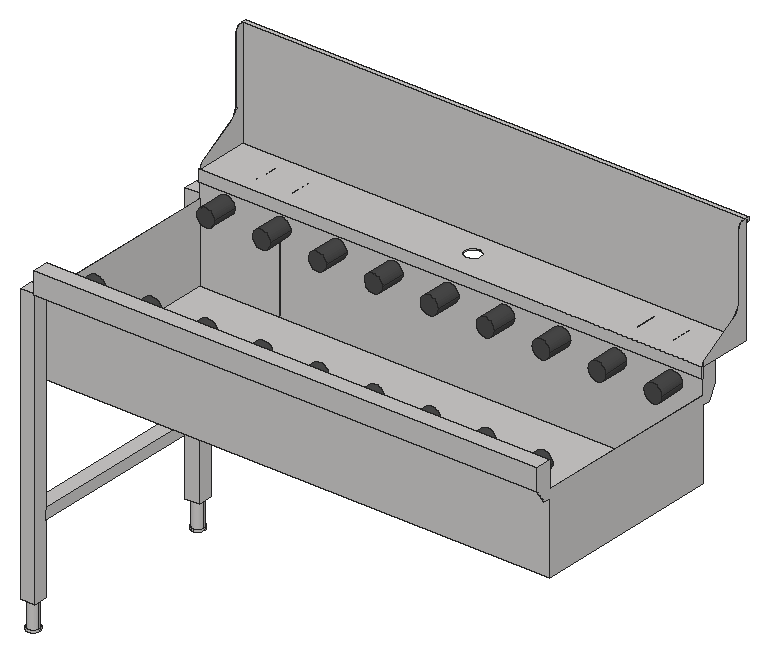
Revit family "QF_ELECTROLUXPROFESSIONAL_863075_HSSRDB14SB", category Specialty Equipment, Revit 2018
Family settings
  Round Connector Dimension = Use Diameter
  Part Type = Normal
  Work Plane-Based = No
  Always vertical = Yes
  Cut with Voids When Loaded = No
  Shared = No
  Room Calculation Point = No
Parameters
  Weight = 0.00 kg
  Watts = 0 W
  Volts = 0 V
  URL Manufacturer = "http://professional.electrolux.com/"
  URL = "http://professional.electrolux.com/"
  Steam Supply Size = 0 mm
  Steam Supply Minimum Pressure = 0.0 Pa
  Steam Supply Maximum Pressure = 0.0 Pa
  Steam Pounds per Hour = 0
  Refrigeration Suction Line Size = 0 mm
  Refrigeration Liquid Line Size = 0 mm
  Refrigerant Compressor Remote = yes
  Manufacturer = "Electrolux"
  Phase = 0
  Model = "HSSRDB14SB"
  Length Actual = 1400 mm  # constant formula
  Item Number = "863075"
  Hot Water Size = 0 mm
  Height Actual = 1213 mm  # constant formula
  HP = "0 HP"
  Gas Size = 0 mm
  Gas KW = 0
  Gas Input Pressure = 0 W
  Description = "SHORT ROLLER CONVEYOR WITH DEEP BASIN AND SPLASH BACK,  L=1400 MM"
  Depth Actual = 735 mm  # constant formula
  Cycle = 0 Hz
  Condensate Return Size = 0 mm
  Compressed Air Volume = 0.0 L/s
  Compressed Air Size = 0 mm
  Compressed Air Pressure = 0.0 Pa
  Cold Water Size = 0 mm
  Accessory = yes
Reference planes
  plane 1 "Centro (Fronte/Retro)": y = 74.737
  plane 2: z = 0
  plane 3 "LEFT": x = -1038.761
  plane 4 "BACK": y = 499.737
  plane 5 "FRONT": y = -235.263
  plane 6: z = 910
  plane 7 "RIGHT": x = 361.239
  plane 8: x = -338.761
Forms (mm)
  Extrusion 1, solid, material "QF_Finishes_Stainless Steel"
    sketch origin (0, 74.737, 0) x (1, 0, 0) y (0, 0, 1)
      loop
        line (-1079.929, 300) -> (-1079.929, 270) -> (-1039.929, 270) -> (-1039.929, 300) -> (-1079.929, 300)
    from -266.504 to 266.46
  Extrusion 2, solid, material "QF_Finishes_Stainless Steel"
    sketch origin (11.239, 0, 0) x (0, 1, 0) y (0, 0, 1)
      loop
        line (-235.263, 910) -> (-235.263, 850.033) -> (-190.242, 850.033) -> (-190.242, 910) -> (-235.263, 910)
      loop
        line (384.737, 910) -> (339.716, 910) -> (339.716, 850.033) -> (384.737, 850.033) -> (384.737, 910)
    from -1048.8 to 348.8
  Extrusion 3, solid, material "QF_Finishes_Stainless Steel"
    sketch origin (11.239, 0, 0) x (0, 1, 0) y (0, 0, 1)
      loop
        line (-191.727, 850.033) -> (-191.727, 618.033) -> (341.245, 618.033) -> (341.245, 850.033) -> (339.716, 850.033) -> (339.716, 621.033) -> (-190.242, 621.033) -> (-190.242, 850.033) -> (-191.727, 850.033)
    from -1048.8 to 348.8
  Extrusion 4, solid, material "QF_Finishes_Stainless Steel"
    sketch origin (1661.239, 723.253, 4000) x (0, 1, 0) y (0, 0, 1)
      loop
        line (-958.516, -3090) -> (-958.516, -3149.967) -> (-934.752, -3185.632) -> (-914.981, -3185.632) -> (-914.981, -3381.967) -> (-382.009, -3381.967) -> (-382.009, -3185.632) -> (-362.281, -3185.632) -> (-338.516, -3149.967) -> (-338.516, -3090) -> (-383.538, -3090) -> (-383.538, -3161.926) -> (-913.495, -3161.926) -> (-913.495, -3090) -> (-958.516, -3090)
    from -1300 to -1301.2
  Revolve 5, solid, material "QF_Finishes_Stainless Steel"
    sketch origin (-338.761, 0, 0) x (0, 1, 0) y (0, 0, 1)
      loop
        line (74.737, 618.033) -> (-1.756, 618.033) -> (-1.756, 601.823) -> (0.354, 601.823)
        arc (0.354, 601.823) -> (3.64, 597.973) -> (0.351, 594.125) r 3.897
        line (0.351, 594.125) -> (-1.756, 594.125) -> (-1.756, 551.31)
        arc (-1.756, 551.31) -> (8.91, 520.632) -> (36.296, 503.17) r 49.497
        line (36.296, 503.17) -> (36.296, 500.684) -> (37.487, 497.398) -> (51.25, 491.407) -> (51.25, 455.535) -> (52.727, 454.059) -> (74.737, 454.059) -> (74.737, 618.033)
      axis (74.737, 454.059) -> (74.737, 618.033)
    angle from 0 to 360
  Extrusion 6, solid, material "QF_Finishes_Stainless Steel"
    sketch origin (-537.561, 723.253, 4000) x (0, 1, 0) y (0, 0, 1)
      loop
        line (-958.516, -3090) -> (-958.516, -3149.967) -> (-914.981, -3149.967) -> (-914.981, -3381.967) -> (-382.009, -3381.967) -> (-382.009, -3149.967) -> (-338.516, -3149.967) -> (-338.516, -3090) -> (-383.538, -3090) -> (-383.538, -3161.926) -> (-913.495, -3161.926) -> (-913.495, -3090) -> (-958.516, -3090)
    from -500 to -501.2
  Extrusion 7, solid, material "QF_Finishes_Black"
    sketch origin (0, 74.737, 0) x (1, 0, 0) y (0, 0, 1)
      loop
        circle (-961.28, 850.115) r 25
      loop
        circle (-805.65, 850.115) r 25
      loop
        circle (-27.501, 850.115) r 25
      loop
        circle (128.128, 850.115) r 25
      loop
        circle (283.758, 850.115) r 25
      loop
        circle (-183.131, 850.115) r 25
      loop
        circle (-650.021, 850.115) r 25
      loop
        circle (-338.761, 850.115) r 25
      loop
        circle (-494.391, 850.115) r 25
    from 190.58 to 260.534
  Extrusion 8, solid, material "QF_Finishes_Stainless Steel"
    sketch origin (-239.961, 342.237, 0) x (0, 1, 0) y (0, 0, -1)
      loop
        line (-2.521, -910) -> (-2.521, -879.543) -> (-4.021, -879.543) -> (-4.021, -911.5) -> (145.999, -911.5) -> (145.999, -1213) -> (157.5, -1213) -> (157.5, -1202.537) -> (156, -1202.537) -> (156, -1211.5) -> (147.499, -1211.5) -> (147.499, -910) -> (-2.521, -910)
    from -601.2 to 798.8
  Extrusion 9, solid, material "QF_Finishes_Stainless Steel"
    sketch origin (-915.761, 342.237, 0) x (0, 1, 0) y (0, 0, 1)
      loop
        line (-0.992, 624.033) -> (13.767, 624.033)
        arc (13.767, 624.033) -> (17.303, 625.498) -> (18.768, 629.034) r 5.001
        line (18.768, 629.034) -> (18.768, 745.739) -> (102.636, 891.045) -> (102.636, 910) -> (42.5, 910) -> (42.5, 850.033) -> (-0.992, 850.033) -> (-0.992, 624.033)
    from 0 to 3
  Extrusion 10, solid, material "QF_Finishes_Stainless Steel"
    sketch origin (-818.761, 342.237, 0) x (0, 1, 0) y (0, 0, 1)
      loop
        line (-0.992, 624.033) -> (13.767, 624.033)
        arc (13.767, 624.033) -> (17.303, 625.498) -> (18.768, 629.034) r 5.001
        line (18.768, 629.034) -> (18.768, 745.739) -> (102.636, 891.045) -> (102.636, 910) -> (42.5, 910) -> (42.5, 850.033) -> (-0.992, 850.033) -> (-0.992, 624.033)
    from 0 to 3
  Extrusion 11, solid, material "QF_Finishes_Stainless Steel"
    sketch origin (-505.939, 342.237, 13) x (-1, 0, 0) y (0, 0, 1)
      loop
        line (406.822, 837.033) -> (312.822, 837.033) -> (312.822, 611.033) -> (406.822, 611.033) -> (406.822, 837.033)
    from -0.992 to 1.008
  Extrusion 12, solid, material "QF_Finishes_Stainless Steel"
    sketch origin (360.039, 342.237, 0) x (0, 1, 0) y (0, 0, -1)
      loop
        line (1.051, -911.5) -> (1.051, -914.619)
        arc (1.051, -914.619) -> (2.37, -919.604) -> (6.004, -923.263) r 9.963
        line (6.004, -923.263) -> (100.988, -978.112)
        arc (100.988, -978.112) -> (119.305, -996.412) -> (126.02, -1021.418) r 50.023
        line (126.02, -1021.418) -> (126.02, -1196.012)
        arc (126.02, -1196.012) -> (130.414, -1206.62) -> (141.022, -1211.014) r 15.003
        line (141.022, -1211.014) -> (145.999, -1211.014) -> (145.999, -911.5) -> (1.051, -911.5)
    from -1.2 to 0
  Extrusion 13, solid, material "QF_Finishes_Stainless Steel"
    sketch origin (-1033.961, 342.237, 0) x (0, 1, 0) y (0, 0, -1)
      loop
        line (141.022, -1211.014) -> (145.999, -1211.014) -> (145.999, -911.5) -> (1.051, -911.5) -> (1.051, -914.619)
        arc (1.051, -914.619) -> (2.37, -919.604) -> (6.004, -923.263) r 9.963
        line (6.004, -923.263) -> (100.988, -978.112)
        arc (100.988, -978.112) -> (119.305, -996.412) -> (126.02, -1021.418) r 50.023
        line (126.02, -1021.418) -> (126.02, -1196.012)
        arc (126.02, -1196.012) -> (130.414, -1206.62) -> (141.022, -1211.014) r 15.003
    from 3.6 to 4.8
  Extrusion 14, void
    sketch origin (0, 0, 0) x (1, 0, 0) y (0, 1, 0)
      loop
        circle (-338.761, 417.226) r 22.503
    from 910 to 911.5
  Extrusion 15, solid, material "QF_Finishes_Stainless Steel"
    sketch origin (-361.761, 342.237, 0) x (0, 1, 0) y (0, 0, -1)
      loop
        line (-0.992, -624.033) -> (-0.992, -850.033) -> (42.5, -850.033) -> (42.5, -910) -> (102.636, -910) -> (102.636, -891.045) -> (18.768, -745.739) -> (18.768, -629.034)
        arc (18.768, -629.034) -> (17.303, -625.498) -> (13.767, -624.033) r 5.001
        line (13.767, -624.033) -> (-0.992, -624.033)
    from -600 to -597
  Extrusion 16, solid, material "QF_Finishes_Stainless Steel"
    sketch origin (-458.761, 342.237, 0) x (0, 1, 0) y (0, 0, -1)
      loop
        line (-0.992, -624.033) -> (-0.992, -850.033) -> (42.5, -850.033) -> (42.5, -910) -> (102.636, -910) -> (102.636, -891.045) -> (18.768, -745.739) -> (18.768, -629.034)
        arc (18.768, -629.034) -> (17.303, -625.498) -> (13.767, -624.033) r 5.001
        line (13.767, -624.033) -> (-0.992, -624.033)
    from -600 to -597
  Extrusion 17, solid, material "QF_Finishes_Stainless Steel"
    sketch origin (-771.583, 342.237, 13) x (1, 0, 0) y (0, 0, -1)
      loop
        line (1006.822, -837.033) -> (1006.822, -611.033) -> (912.822, -611.033) -> (912.822, -837.033) -> (1006.822, -837.033)
    from -0.992 to 1.008
  Extrusion 18, solid, material "QF_Finishes_Black"
    sketch origin (0, 74.737, 0) x (1, 0, 0) y (0, 0, -1)
      loop
        circle (-961.28, -850.115) r 25
      loop
        circle (-805.65, -850.115) r 25
      loop
        circle (-27.501, -850.115) r 25
      loop
        circle (128.128, -850.115) r 25
      loop
        circle (283.758, -850.115) r 25
      loop
        circle (-183.131, -850.115) r 25
      loop
        circle (-650.021, -850.115) r 25
      loop
        circle (-338.761, -850.115) r 25
      loop
        circle (-494.391, -850.115) r 25
    from 190.58 to 260.534
Cuts and joins
  joined: Extrusion 2, Extrusion 3, Extrusion 4, Revolve 5, Extrusion 6
  Extrusion 14 cuts Extrusion 8
  joined: Extrusion 8, Extrusion 9, Extrusion 10, Extrusion 11, Extrusion 12, Extrusion 13, Extrusion 15, Extrusion 16, Extrusion 17
Lines and regions (mm)
  Split face 1
    outline origin (708.239, 339.716, 621.033) x (-1, 0, 0) y (0, -1, 0)
      loop
        circle (1047, 264.904) r 3.016
  Split face 2
    outline origin (708.239, 339.716, 621.033) x (-1, 0, 0) y (0, -1, 0)
      loop
        circle (1047, 264.904) r 52.991
  Split face 3
    outline origin (708.239, 339.716, 621.033) x (-1, 0, 0) y (0, -1, 0)
      loop
        circle (1047, 264.904) r 36.015
  Split face 4
    outline origin (708.239, 339.716, 621.033) x (-1, 0, 0) y (0, -1, 0)
      loop
        circle (1047, 264.904) r 26.027
  Split face 5
    outline origin (708.239, 339.716, 621.033) x (-1, 0, 0) y (0, -1, 0)
      loop
        circle (1047, 264.904) r 9.056
  Masking region 1
    outline origin (0, 0, 0) x (1, 0, 0) y (0, 1, 0)
      loop
        line (-1038.761, 499.737) -> (-1038.761, -235.263) -> (361.239, -235.263) -> (361.239, 499.737) -> (-1038.761, 499.737)
  symbolic lines
    curve 1: line (361.239, 499.737, 0) -> (-1038.761, 499.737, 0)
    curve 2: line (-1038.761, 499.737, 0) -> (-1038.761, -235.263, 0)
    curve 3: line (-1038.761, 339.716, 0) -> (361.239, 339.716, 0)
    curve 4: line (-1038.761, -235.263, 0) -> (361.239, -235.263, 0)
    curve 5: line (361.239, -235.263, 0) -> (361.239, 499.737, 0)
    curve 6: line (361.239, -190.242, 0) -> (-1038.761, -190.242, 0)
    curve 7: line (-936.28, -185.797, 0) -> (-986.28, -185.797, 0)
    curve 8: line (-986.28, -185.797, 0) -> (-986.28, -115.842, 0)
    curve 9: line (-986.28, -115.842, 0) -> (-936.28, -115.842, 0)
    curve 10: line (-936.28, -115.842, 0) -> (-936.28, -185.797, 0)
    curve 11: line (-780.65, -185.797, 0) -> (-830.65, -185.797, 0)
    curve 12: line (-830.65, -185.797, 0) -> (-830.65, -115.842, 0)
    curve 13: line (-830.65, -115.842, 0) -> (-780.65, -115.842, 0)
    curve 14: line (-780.65, -115.842, 0) -> (-780.65, -185.797, 0)
    curve 15: line (-625.021, -185.797, 0) -> (-675.021, -185.797, 0)
    curve 16: line (-675.021, -185.797, 0) -> (-675.021, -115.842, 0)
    curve 17: line (-675.021, -115.842, 0) -> (-625.021, -115.842, 0)
    curve 18: line (-625.021, -115.842, 0) -> (-625.021, -185.797, 0)
    curve 19: line (-469.391, -185.797, 0) -> (-519.391, -185.797, 0)
    curve 20: line (-519.391, -185.797, 0) -> (-519.391, -115.842, 0)
    curve 21: line (-519.391, -115.842, 0) -> (-469.391, -115.842, 0)
    curve 22: line (-469.391, -115.842, 0) -> (-469.391, -185.797, 0)
    curve 23: line (-1038.761, 343.288, 0) -> (-1037.561, 343.288, 0)
    curve 24: line (-1037.561, 343.288, 0) -> (-1037.561, 488.236, 0)
    curve 25: line (-1038.761, 488.236, 0) -> (361.239, 488.236, 0)
    curve 26: line (360.039, 488.236, 0) -> (360.039, 343.288, 0)
    curve 27: line (360.039, 343.288, 0) -> (361.239, 343.288, 0)
    curve 28: arc (-361.264, 417.226, 0) -> (-338.761, 439.729, 0) -> (-316.258, 417.226, 0) r 22.503
    curve 29: arc (-316.258, 417.226, 0) -> (-338.761, 394.723, 0) -> (-361.264, 417.226, 0) r 22.503
    curve 30: line (361.239, 74.737, 0) -> (331.239, 74.737, 0)
    curve 31: line (-1038.761, 74.737, 0) -> (-1008.761, 74.737, 0)
    curve 32: arc (-338.761, 151.231, 0) -> (-262.267, 74.737, 0) -> (-338.761, -1.756, 0) r 76.494
    curve 33: arc (-338.761, -1.756, 0) -> (-415.254, 74.737, 0) -> (-338.761, 151.231, 0) r 76.494
    curve 34: arc (-338.761, 96.747, 0) -> (-360.771, 74.737, 0) -> (-338.761, 52.727, 0) r 22.01
    curve 35: arc (-338.761, 52.727, 0) -> (-316.751, 74.737, 0) -> (-338.761, 96.747, 0) r 22.01
    curve 36: line (-313.761, -185.797, 0) -> (-363.761, -185.797, 0)
    curve 37: line (-363.761, -185.797, 0) -> (-363.761, -115.842, 0)
    curve 38: line (-363.761, -115.842, 0) -> (-313.761, -115.842, 0)
    curve 39: line (-313.761, -115.842, 0) -> (-313.761, -185.797, 0)
    curve 40: line (-158.131, -185.797, 0) -> (-208.131, -185.797, 0)
    curve 41: line (-208.131, -185.797, 0) -> (-208.131, -115.842, 0)
    curve 42: line (-208.131, -115.842, 0) -> (-158.131, -115.842, 0)
    curve 43: line (-158.131, -115.842, 0) -> (-158.131, -185.797, 0)
    curve 44: line (-2.501, -185.797, 0) -> (-52.501, -185.797, 0)
    curve 45: line (-52.501, -185.797, 0) -> (-52.501, -115.842, 0)
    curve 46: line (-52.501, -115.842, 0) -> (-2.501, -115.842, 0)
    curve 47: line (-2.501, -115.842, 0) -> (-2.501, -185.797, 0)
    curve 48: line (153.128, -185.797, 0) -> (103.128, -185.797, 0)
    curve 49: line (103.128, -185.797, 0) -> (103.128, -115.842, 0)
    curve 50: line (103.128, -115.842, 0) -> (153.128, -115.842, 0)
    curve 51: line (153.128, -115.842, 0) -> (153.128, -185.797, 0)
    curve 52: line (308.758, -185.797, 0) -> (258.758, -185.797, 0)
    curve 53: line (258.758, -185.797, 0) -> (258.758, -115.842, 0)
    curve 54: line (258.758, -115.842, 0) -> (308.758, -115.842, 0)
    curve 55: line (308.758, -115.842, 0) -> (308.758, -185.797, 0)
    curve 56: line (-936.28, 335.271, 0) -> (-986.28, 335.271, 0)
    curve 57: line (-986.28, 335.271, 0) -> (-986.28, 265.317, 0)
    curve 58: line (-986.28, 265.317, 0) -> (-936.28, 265.317, 0)
    curve 59: line (-936.28, 265.317, 0) -> (-936.28, 335.271, 0)
    curve 60: line (-780.65, 335.271, 0) -> (-830.65, 335.271, 0)
    curve 61: line (-830.65, 335.271, 0) -> (-830.65, 265.317, 0)
    curve 62: line (-830.65, 265.317, 0) -> (-780.65, 265.317, 0)
    curve 63: line (-780.65, 265.317, 0) -> (-780.65, 335.271, 0)
    curve 64: line (-625.021, 335.271, 0) -> (-675.021, 335.271, 0)
    curve 65: line (-675.021, 335.271, 0) -> (-675.021, 265.317, 0)
    curve 66: line (-675.021, 265.317, 0) -> (-625.021, 265.317, 0)
    curve 67: line (-625.021, 265.317, 0) -> (-625.021, 335.271, 0)
    curve 68: line (-469.391, 335.271, 0) -> (-519.391, 335.271, 0)
    curve 69: line (-519.391, 335.271, 0) -> (-519.391, 265.317, 0)
    curve 70: line (-519.391, 265.317, 0) -> (-469.391, 265.317, 0)
    curve 71: line (-469.391, 265.317, 0) -> (-469.391, 335.271, 0)
    curve 72: line (-313.761, 335.271, 0) -> (-363.761, 335.271, 0)
    curve 73: line (-363.761, 335.271, 0) -> (-363.761, 265.317, 0)
    curve 74: line (-363.761, 265.317, 0) -> (-313.761, 265.317, 0)
    curve 75: line (-313.761, 265.317, 0) -> (-313.761, 335.271, 0)
    curve 76: line (-158.131, 335.271, 0) -> (-208.131, 335.271, 0)
    curve 77: line (-208.131, 335.271, 0) -> (-208.131, 265.317, 0)
    curve 78: line (-208.131, 265.317, 0) -> (-158.131, 265.317, 0)
    curve 79: line (-158.131, 265.317, 0) -> (-158.131, 335.271, 0)
    curve 80: line (-2.501, 335.271, 0) -> (-52.501, 335.271, 0)
    curve 81: line (-52.501, 335.271, 0) -> (-52.501, 265.317, 0)
    curve 82: line (-52.501, 265.317, 0) -> (-2.501, 265.317, 0)
    curve 83: line (-2.501, 265.317, 0) -> (-2.501, 335.271, 0)
    curve 84: line (153.128, 335.271, 0) -> (103.128, 335.271, 0)
    curve 85: line (103.128, 335.271, 0) -> (103.128, 265.317, 0)
    curve 86: line (103.128, 265.317, 0) -> (153.128, 265.317, 0)
    curve 87: line (153.128, 265.317, 0) -> (153.128, 335.271, 0)
    curve 88: line (308.758, 335.271, 0) -> (258.758, 335.271, 0)
    curve 89: line (258.758, 335.271, 0) -> (258.758, 265.317, 0)
    curve 90: line (258.758, 265.317, 0) -> (308.758, 265.317, 0)
    curve 91: line (308.758, 265.317, 0) -> (308.758, 335.271, 0)
Dimensions and locks
  plane 3 "LEFT" to plane 7 "RIGHT" = 1400 mm
  plane 4 "BACK" to plane 1 "Centro (Fronte/Retro)" to plane 5 "FRONT" = 425 mm, 310 mm
  plane 4 "BACK" to plane 5 "FRONT" = 735 mm
  equal spacing: plane 3 "LEFT", plane 8, plane 7 "RIGHT"
  locked: cut or joined group 1 (Extrusion 8, Extrusion 9, Extrusion 10, Extrusion 11, Extrusion 12, Extrusion 13, Extrusion 14, Extrusion 15, Extrusion 16, Extrusion 17) to cut or joined group 1 at 94  (x2)
  equal spacing: cut or joined group 1, plane 8, cut or joined group 1
  locked: cut or joined group 1 to cut or joined group 1 at 3  (x2)
  locked: Extrusion 7 sketch curve to plane 3 "LEFT" at 77.481
  locked: plane 7 "RIGHT" to Extrusion 7 sketch curve at 77.481
  equal spacing: Extrusion 7 sketch curve, Extrusion 7 sketch curve, Extrusion 7 sketch curve, Extrusion 7 sketch curve, Extrusion 7 sketch curve, Extrusion 7 sketch curve, Extrusion 7 sketch curve, Extrusion 7 sketch curve, Extrusion 7 sketch curve
  equal spacing: Extrusion 18 sketch curve, Extrusion 18 sketch curve, Extrusion 18 sketch curve, Extrusion 18 sketch curve, Extrusion 18 sketch curve, Extrusion 18 sketch curve, Extrusion 18 sketch curve, Extrusion 18 sketch curve, Extrusion 18 sketch curve
  aligned and locked: level to plane 2
  aligned and locked: plane 8 to cut or joined group of Extrusion 2, Extrusion 3, Extrusion 4, Revolve 5, Extrusion 6
  aligned and locked: Extrusion 2 to Extrusion 3
Automatic sketch dimensions
  curve 28 to curve 29 = 0 mm  (x2)
  curve 32 to curve 33 = 0 mm  (x2)
  curve 32 to curve 34 = 0 mm  (x2)
  curve 32 to curve 35 = 0 mm  (x2)
  curve 33 to curve 34 = 0 mm  (x2)
  curve 33 to curve 35 = 0 mm  (x2)
  curve 34 to curve 35 = 0 mm  (x2)
  curve 23 to plane 3 "LEFT" = 0 mm
  plane 1 "Centro (Fronte/Retro)" to curve 31 = 0 mm
  plane 1 "Centro (Fronte/Retro)" to curve 34 = 0 mm
  curve 34 to plane 8 = 0 mm
  plane 1 "Centro (Fronte/Retro)" to curve 30 = 0 mm
  curve 27 to plane 7 "RIGHT" = 0 mm
  curve 4 to plane 5 "FRONT" = 0 mm
  curve 2 to plane 4 "BACK" = 0 mm
  plane 3 "LEFT" to curve 24 = 1.2 mm
  plane 3 "LEFT" to curve 8 = 52.481 mm
  curve 23 to curve 57 = 51.281 mm
  curve 8 to curve 10 = 50 mm
  curve 56 to curve 56 = 50 mm
  curve 9 to curve 13 = 105.63 mm
  curve 58 to curve 62 = 105.63 mm
  curve 11 to curve 11 = 50 mm
  curve 60 to curve 63 = 50 mm
  plane 5 "FRONT" to curve 15 = 49.466 mm
  curve 11 to curve 15 = 105.63 mm
  curve 62 to curve 66 = 105.63 mm
  curve 16 to curve 17 = 50 mm
  curve 64 to curve 64 = 50 mm
  plane 5 "FRONT" to curve 20 = 49.466 mm
  curve 15 to curve 20 = 105.63 mm
  curve 64 to curve 68 = 105.63 mm
  curve 69 to curve 70 = 50 mm
  curve 20 to curve 21 = 50 mm
  plane 8 to curve 37 = 25 mm
  plane 8 to curve 74 = 25 mm
  plane 8 to curve 29 = 0 mm
  curve 72 to plane 8 = 25 mm
  curve 36 to plane 8 = 25 mm
  curve 38 to curve 42 = 105.63 mm
  curve 74 to curve 78 = 105.63 mm
  curve 77 to curve 78 = 50 mm
  curve 40 to curve 43 = 50 mm
  curve 42 to curve 45 = 105.63 mm
  curve 76 to curve 80 = 105.63 mm
  curve 44 to curve 44 = 50 mm
  curve 80 to curve 83 = 50 mm
  curve 82 to curve 86 = 105.63 mm
  curve 46 to curve 50 = 105.63 mm
  curve 48 to curve 48 = 50 mm
  curve 84 to curve 84 = 50 mm
  curve 54 to plane 7 "RIGHT" = 102.481 mm
  curve 88 to plane 7 "RIGHT" = 102.481 mm
  curve 89 to curve 91 = 50 mm
  curve 52 to curve 52 = 50 mm
  curve 26 to plane 7 "RIGHT" = 1.2 mm
  plane 5 "FRONT" to curve 37 = 49.466 mm
  plane 5 "FRONT" to curve 40 = 49.466 mm
  plane 5 "FRONT" to curve 55 = 49.466 mm
  plane 5 "FRONT" to curve 45 = 49.466 mm
  plane 5 "FRONT" to curve 7 = 49.466 mm
  plane 5 "FRONT" to curve 11 = 49.466 mm
  plane 5 "FRONT" to curve 48 = 49.466 mm
  curve 19 to curve 22 = 69.954 mm
  curve 15 to curve 18 = 69.954 mm
  curve 48 to curve 51 = 69.954 mm
  curve 11 to curve 14 = 69.954 mm
  curve 44 to curve 47 = 69.954 mm
  curve 7 to curve 10 = 69.954 mm
  curve 40 to curve 43 = 69.954 mm
  curve 52 to curve 53 = 69.954 mm
  curve 36 to curve 39 = 69.954 mm
  curve 78 to plane 1 "Centro (Fronte/Retro)" = 190.58 mm
  curve 78 to curve 81 = 0 mm
  curve 75 to curve 77 = 0 mm
  curve 82 to curve 85 = 0 mm
  curve 71 to curve 73 = 0 mm
  curve 86 to curve 89 = 0 mm
  curve 67 to curve 69 = 0 mm
  curve 57 to plane 1 "Centro (Fronte/Retro)" = 190.58 mm
  curve 63 to curve 65 = 0 mm
  curve 61 to curve 60 = 69.954 mm
  curve 66 to curve 64 = 69.954 mm
  curve 58 to curve 59 = 69.954 mm
  curve 70 to curve 68 = 69.954 mm
  curve 89 to curve 89 = 69.954 mm
  curve 74 to curve 72 = 69.954 mm
  curve 86 to curve 87 = 69.954 mm
  curve 78 to curve 76 = 69.954 mm
  curve 82 to curve 83 = 69.954 mm
  curve 56 to curve 23 = 8.018 mm
  curve 88 to curve 26 = 8.018 mm
  curve 29 to plane 4 "BACK" = 82.511 mm
  plane 3 "LEFT" to curve 31 = 30 mm
  curve 29 to curve 28 = 22.503 mm
  curve 30 to plane 7 "RIGHT" = 30 mm
  curve 4 to curve 6 = 45.021 mm
  curve 33 to curve 32 = 76.494 mm
  curve 34 to curve 32 = 22.01 mm
  curve 3 to curve 23 = 3.573 mm
  curve 25 to curve 1 = 11.501 mm
  Extrusion 1 sketch curve to plane 3 "LEFT" = 41.168 mm
  Extrusion 1 sketch curve to plane 3 "LEFT" = 1.168 mm
  level to Extrusion 1 sketch curve = 270 mm
  Extrusion 1 sketch curve to Extrusion 1 sketch curve = 30 mm
  Extrusion 2 sketch curve to plane 5 "FRONT" = 0 mm
  Extrusion 2 sketch curve to plane 6 = 0 mm  (x2)
  plane 5 "FRONT" to Extrusion 2 sketch curve = 45.021 mm
  Extrusion 2 sketch curve to plane 6 = 59.967 mm
  Extrusion 2 sketch curve to plane 4 "BACK" = 160.021 mm
  Extrusion 2 sketch curve to Extrusion 2 sketch curve = 45.021 mm
  Extrusion 2 sketch curve to Extrusion 2 sketch curve = 59.967 mm
  plane 5 "FRONT" to Extrusion 3 sketch curve = 43.536 mm
  Extrusion 3 sketch curve to Extrusion 3 sketch curve = 1.486 mm
  Extrusion 3 sketch curve to plane 6 = 59.967 mm  (x2)
  Extrusion 3 sketch curve to plane 4 "BACK" = 160.021 mm
  Extrusion 3 sketch curve to Extrusion 3 sketch curve = 1.529 mm
  Extrusion 3 sketch curve to plane 6 = 288.967 mm
  Extrusion 3 sketch curve to Extrusion 3 sketch curve = 3 mm
  Extrusion 4 sketch curve to plane 5 "FRONT" = 0 mm
  Extrusion 4 sketch curve to plane 6 = 0 mm  (x2)
  plane 5 "FRONT" to Extrusion 4 sketch curve = 23.764 mm
  plane 5 "FRONT" to Extrusion 4 sketch curve = 43.536 mm
  plane 5 "FRONT" to Extrusion 4 sketch curve = 45.021 mm
  Extrusion 4 sketch curve to plane 6 = 71.926 mm
  Extrusion 4 sketch curve to plane 4 "BACK" = 160.021 mm
  Extrusion 4 sketch curve to plane 4 "BACK" = 158.492 mm
  Extrusion 4 sketch curve to Extrusion 4 sketch curve = 19.728 mm
  Extrusion 4 sketch curve to Extrusion 4 sketch curve = 23.764 mm
  Extrusion 4 sketch curve to Extrusion 4 sketch curve = 23.706 mm  (x2)
  Extrusion 4 sketch curve to Extrusion 4 sketch curve = 196.335 mm
  Extrusion 4 sketch curve to Extrusion 4 sketch curve = 35.665 mm  (x2)
  Revolve 5 sketch curve to plane 1 "Centro (Fronte/Retro)" = 0 mm  (x2)
  plane 1 "Centro (Fronte/Retro)" to Revolve 5 sketch curve = 22.01 mm
  plane 1 "Centro (Fronte/Retro)" to Revolve 5 sketch curve = 23.487 mm
  plane 1 "Centro (Fronte/Retro)" to Revolve 5 sketch curve = 26.996 mm
  Revolve 5 sketch curve to Revolve 5 sketch curve = 13.764 mm
  Revolve 5 sketch curve to Revolve 5 sketch curve = 1.191 mm
  Revolve 5 sketch curve to Revolve 5 sketch curve = 47.387 mm
  Revolve 5 sketch curve to Revolve 5 sketch curve = 0.003 mm
  Revolve 5 sketch curve to Revolve 5 sketch curve = 0.61 mm
  Revolve 5 sketch curve to Revolve 5 sketch curve = 2.107 mm
  Revolve 5 sketch curve to Revolve 5 sketch curve = 2.11 mm
  level to Revolve 5 sketch curve = 454.059 mm
  Revolve 5 sketch curve to Revolve 5 sketch curve = 1.476 mm
  Revolve 5 sketch curve to Revolve 5 sketch curve = 35.872 mm
  Revolve 5 sketch curve to Revolve 5 sketch curve = 5.991 mm
  Revolve 5 sketch curve to Revolve 5 sketch curve = 3.286 mm
  Revolve 5 sketch curve to Revolve 5 sketch curve = 2.486 mm
  Revolve 5 sketch curve to Revolve 5 sketch curve = 48.139 mm
  Revolve 5 sketch curve to Revolve 5 sketch curve = 42.815 mm
  Revolve 5 sketch curve to Revolve 5 sketch curve = 3.849 mm
  Revolve 5 sketch curve to Revolve 5 sketch curve = 66.706 mm
  Revolve 5 sketch curve to Revolve 5 sketch curve = 3 mm
  Revolve 5 sketch curve to Revolve 5 sketch curve = 14.991 mm
  cut or joined group of Extrusion 2, Extrusion 3, Extrusion 4, Revolve 5, Extrusion 6 to Split face 1 sketch curve = 264.904 mm
  cut or joined group of Extrusion 2, Extrusion 3, Extrusion 4, Revolve 5, Extrusion 6 to Split face 1 sketch curve = 698.8 mm
  cut or joined group of Extrusion 2, Extrusion 3, Extrusion 4, Revolve 5, Extrusion 6 to Split face 2 sketch curve = 264.904 mm
  cut or joined group of Extrusion 2, Extrusion 3, Extrusion 4, Revolve 5, Extrusion 6 to Split face 2 sketch curve = 698.8 mm
  cut or joined group of Extrusion 2, Extrusion 3, Extrusion 4, Revolve 5, Extrusion 6 to Split face 3 sketch curve = 264.904 mm
  cut or joined group of Extrusion 2, Extrusion 3, Extrusion 4, Revolve 5, Extrusion 6 to Split face 3 sketch curve = 698.8 mm
  cut or joined group of Extrusion 2, Extrusion 3, Extrusion 4, Revolve 5, Extrusion 6 to Split face 4 sketch curve = 264.904 mm
  cut or joined group of Extrusion 2, Extrusion 3, Extrusion 4, Revolve 5, Extrusion 6 to Split face 4 sketch curve = 698.8 mm
  cut or joined group of Extrusion 2, Extrusion 3, Extrusion 4, Revolve 5, Extrusion 6 to Split face 5 sketch curve = 264.904 mm
  cut or joined group of Extrusion 2, Extrusion 3, Extrusion 4, Revolve 5, Extrusion 6 to Split face 5 sketch curve = 698.8 mm
  Masking region 1 sketch curve to plane 3 "LEFT" = 0 mm
  Masking region 1 sketch curve to plane 5 "FRONT" = 0 mm
  Masking region 1 sketch curve to plane 7 "RIGHT" = 0 mm
  Masking region 1 sketch curve to plane 4 "BACK" = 0 mm
  Extrusion 6 sketch curve to plane 5 "FRONT" = 0 mm
  Extrusion 6 sketch curve to plane 6 = 0 mm  (x2)
  plane 5 "FRONT" to Extrusion 6 sketch curve = 43.536 mm
  plane 5 "FRONT" to Extrusion 6 sketch curve = 45.021 mm
  Extrusion 6 sketch curve to plane 4 "BACK" = 160.021 mm
  Extrusion 6 sketch curve to plane 4 "BACK" = 158.492 mm
  Extrusion 6 sketch curve to Extrusion 6 sketch curve = 43.492 mm
  Extrusion 6 sketch curve to Extrusion 6 sketch curve = 59.967 mm  (x2)
  Extrusion 6 sketch curve to Extrusion 6 sketch curve = 11.959 mm
  Extrusion 6 sketch curve to Extrusion 6 sketch curve = 220.041 mm
  Extrusion 7 sketch curve to plane 6 = 59.885 mm  (x9)
  Extrusion 8 sketch curve to plane 6 = 0 mm
  Extrusion 8 sketch curve to plane 4 "BACK" = 0 mm
  Extrusion 8 sketch curve to plane 4 "BACK" = 1.5 mm
  Extrusion 8 sketch curve to Extrusion 8 sketch curve = 8.501 mm
  Extrusion 8 sketch curve to Extrusion 8 sketch curve = 1.5 mm  (x3)
  Extrusion 8 sketch curve to plane 6 = 30.457 mm
  Extrusion 8 sketch curve to Extrusion 8 sketch curve = 148.52 mm
  plane 6 to Extrusion 8 sketch curve = 1.5 mm
  Extrusion 8 sketch curve to Extrusion 8 sketch curve = 291.037 mm
  Extrusion 8 sketch curve to Extrusion 8 sketch curve = 8.963 mm
  Extrusion 9 sketch curve to plane 6 = 0 mm
  Extrusion 9 sketch curve to plane 4 "BACK" = 158.492 mm
  Extrusion 9 sketch curve to Extrusion 9 sketch curve = 14.759 mm
  Extrusion 9 sketch curve to Extrusion 9 sketch curve = 19.76 mm
  Extrusion 9 sketch curve to Extrusion 9 sketch curve = 43.492 mm
  Extrusion 9 sketch curve to plane 6 = 18.955 mm
  Extrusion 9 sketch curve to plane 4 "BACK" = 54.864 mm
  Extrusion 9 sketch curve to Extrusion 9 sketch curve = 59.967 mm
  Extrusion 9 sketch curve to Extrusion 9 sketch curve = 104.294 mm
  Extrusion 9 sketch curve to Extrusion 9 sketch curve = 116.705 mm
  Extrusion 10 sketch curve to plane 6 = 0 mm
  Extrusion 10 sketch curve to plane 4 "BACK" = 158.492 mm
  Extrusion 10 sketch curve to Extrusion 10 sketch curve = 14.759 mm
  Extrusion 10 sketch curve to Extrusion 10 sketch curve = 19.76 mm
  Extrusion 10 sketch curve to Extrusion 10 sketch curve = 43.492 mm
  Extrusion 10 sketch curve to plane 6 = 18.955 mm
  Extrusion 10 sketch curve to plane 4 "BACK" = 54.864 mm
  Extrusion 10 sketch curve to Extrusion 10 sketch curve = 59.967 mm
  Extrusion 10 sketch curve to Extrusion 10 sketch curve = 104.294 mm
  Extrusion 10 sketch curve to Extrusion 10 sketch curve = 116.705 mm
  Extrusion 11 sketch curve to plane 6 = 59.967 mm
  plane 8 to Extrusion 11 sketch curve = 480 mm
  Extrusion 11 sketch curve to Extrusion 11 sketch curve = 94 mm
  Extrusion 11 sketch curve to Extrusion 11 sketch curve = 225.999 mm
  plane 6 to Extrusion 12 sketch curve = 1.5 mm
  Extrusion 12 sketch curve to plane 4 "BACK" = 156.449 mm
  plane 6 to Extrusion 12 sketch curve = 13.263 mm
  Extrusion 12 sketch curve to Extrusion 12 sketch curve = 4.953 mm
  plane 6 to Extrusion 12 sketch curve = 4.651 mm
  Extrusion 12 sketch curve to Extrusion 12 sketch curve = 5.01 mm
  Extrusion 12 sketch curve to plane 4 "BACK" = 81.503 mm
  Extrusion 12 sketch curve to Extrusion 12 sketch curve = 24.991 mm
  Extrusion 12 sketch curve to plane 4 "BACK" = 31.48 mm
  Extrusion 12 sketch curve to plane 4 "BACK" = 16.478 mm
  Extrusion 12 sketch curve to plane 4 "BACK" = 11.501 mm
  plane 6 to Extrusion 12 sketch curve = 68.112 mm
  Extrusion 12 sketch curve to Extrusion 12 sketch curve = 43.306 mm
  Extrusion 12 sketch curve to Extrusion 12 sketch curve = 174.593 mm
  plane 6 to Extrusion 13 sketch curve = 1.5 mm
  Extrusion 13 sketch curve to plane 4 "BACK" = 156.449 mm
  plane 6 to Extrusion 13 sketch curve = 13.263 mm
  Extrusion 13 sketch curve to Extrusion 13 sketch curve = 4.953 mm
  plane 6 to Extrusion 13 sketch curve = 4.651 mm
  Extrusion 13 sketch curve to Extrusion 13 sketch curve = 5.01 mm
  Extrusion 13 sketch curve to plane 4 "BACK" = 81.503 mm
  Extrusion 13 sketch curve to Extrusion 13 sketch curve = 24.991 mm
  Extrusion 13 sketch curve to plane 4 "BACK" = 31.48 mm
  Extrusion 13 sketch curve to Extrusion 13 sketch curve = 15.003 mm
  Extrusion 13 sketch curve to Extrusion 13 sketch curve = 4.976 mm
  plane 6 to Extrusion 13 sketch curve = 68.112 mm
  Extrusion 13 sketch curve to Extrusion 13 sketch curve = 43.306 mm
  Extrusion 13 sketch curve to Extrusion 13 sketch curve = 174.593 mm
  plane 8 to Extrusion 14 sketch curve = 0 mm
  Extrusion 14 sketch curve to plane 4 "BACK" = 82.511 mm
  Extrusion 15 sketch curve to plane 6 = 0 mm
  Extrusion 15 sketch curve to plane 4 "BACK" = 158.492 mm
  Extrusion 15 sketch curve to Extrusion 15 sketch curve = 14.759 mm
  Extrusion 15 sketch curve to Extrusion 15 sketch curve = 19.76 mm
  Extrusion 15 sketch curve to Extrusion 15 sketch curve = 43.492 mm
  Extrusion 15 sketch curve to plane 6 = 18.955 mm
  Extrusion 15 sketch curve to plane 4 "BACK" = 54.864 mm
  Extrusion 15 sketch curve to plane 6 = 59.967 mm
  Extrusion 15 sketch curve to Extrusion 15 sketch curve = 104.294 mm
  Extrusion 15 sketch curve to Extrusion 15 sketch curve = 116.705 mm
  Extrusion 16 sketch curve to plane 6 = 0 mm
  Extrusion 16 sketch curve to plane 4 "BACK" = 158.492 mm
  Extrusion 16 sketch curve to Extrusion 16 sketch curve = 14.759 mm
  Extrusion 16 sketch curve to Extrusion 16 sketch curve = 19.76 mm
  Extrusion 16 sketch curve to Extrusion 16 sketch curve = 43.492 mm
  Extrusion 16 sketch curve to plane 6 = 18.955 mm
  Extrusion 16 sketch curve to plane 4 "BACK" = 54.864 mm
  Extrusion 16 sketch curve to plane 6 = 59.967 mm
  Extrusion 16 sketch curve to Extrusion 16 sketch curve = 104.294 mm
  Extrusion 16 sketch curve to Extrusion 16 sketch curve = 116.705 mm
  Extrusion 17 sketch curve to plane 6 = 59.967 mm
  Extrusion 17 sketch curve to plane 8 = 480 mm
  Extrusion 17 sketch curve to Extrusion 17 sketch curve = 94 mm
  Extrusion 17 sketch curve to Extrusion 17 sketch curve = 225.999 mm
  plane 3 "LEFT" to Extrusion 18 sketch curve = 77.481 mm
  Extrusion 18 sketch curve to plane 6 = 59.885 mm  (x9)
  Extrusion 18 sketch curve to Extrusion 18 sketch curve = 155.63 mm
  radius of Split face 1 sketch curve = 3.016 mm
  radius of Split face 2 sketch curve = 52.991 mm
  radius of Split face 3 sketch curve = 36.015 mm
  radius of Split face 4 sketch curve = 26.027 mm
  radius of Split face 5 sketch curve = 9.056 mm
  radius of Extrusion 7 sketch curve = 25 mm  (x9)
  radius of Extrusion 14 sketch curve = 22.503 mm
  radius of Extrusion 18 sketch curve = 25 mm  (x9)
Nested families
  nested 1: "Foot_40x40" at (-1059.929, 361.245, 0), type "Foot_40x40"
    with A 850.033 mm
  nested 2: "Foot_40x40" at (-1059.929, -211.771, 0), type "Foot_40x40"
    with A 850.033 mm
Connectors
  piping at (-338.761, 74.737, 454.059), diameter 30
    settings: on cut or joined group of Extrusion 2, Extrusion 3, Extrusion 4, Revolve 5, Extrusion 6, index 1, connector inside diameter 609.6 mm, connector length 0 mm, flow factor 0, pipe flow 0.0 L/s, pressure drop 0.0 Pa, fitting loss kfactor 0, connector angle 0.00°, fixture units 0, engagement length 0 mm, angle of deflection 0.00°, flow configuration 1, flow direction 2, fitting loss method 0, system type 16, joint type 0, gender type 0, connector reference index -1, connector utility 0, adjustable connector no, is connector primary yes, connector description "Drain"
Definition of nested family "Foot_40x40"
  Parameters
    A [instance] = 850 mm
  Reference planes
    plane 1 "Centro (Fronte/Retro)": y = 0
    plane 2: z = 0
    plane 3 "Centro (Sinistra/Destra)": x = 0
    plane 4: z = 850
  Forms (mm)
    Extrusion 1, solid
      sketch origin (0, 0, 0) x (1, 0, 0) y (0, 1, 0)
        loop
          circle (0, 0) r 18
      from 0 to 5
    Extrusion 2, solid
      sketch origin (0, 0, 5) x (1, 0, 0) y (0, 1, 0)
        loop
          circle (0, 0) r 15
      from 0 to 70
    Extrusion 3, solid
      sketch origin (0, 0, 75) x (1, 0, 0) y (0, 1, 0)
        loop
          line (-20, 20) -> (-20, -20) -> (20, -20) -> (20, 20) -> (-20, 20)
      from 0 to 775
  Dimensions and locks
    "A": plane 4 to plane 2
    aligned and locked: level to plane 2
    aligned and locked: plane 4 to Extrusion 3
    aligned and locked: Extrusion 1 to level
  Automatic sketch dimensions
    plane 1 "Centro (Fronte/Retro)" to Extrusion 1 sketch curve = 0 mm
    Extrusion 1 sketch curve to plane 3 "Centro (Sinistra/Destra)" = 0 mm
    Extrusion 3 sketch curve to Extrusion 3 sketch curve = 40 mm  (x2)
    radius of Extrusion 1 sketch curve = 18 mm
    radius of Extrusion 2 sketch curve to Extrusion 1 = 3 mm
